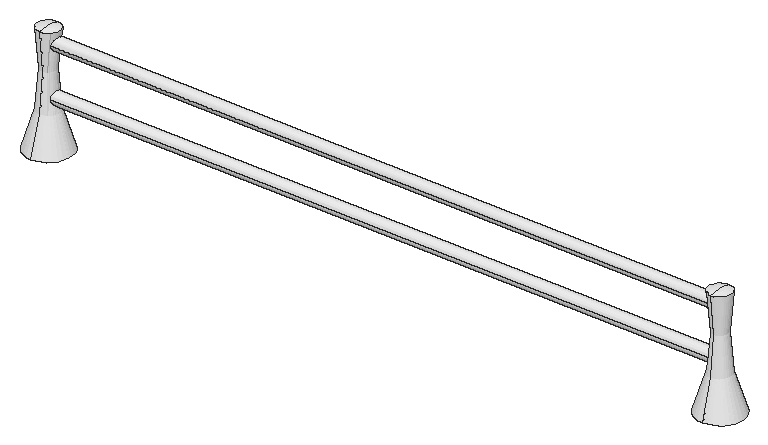
Revit family "Towel Rail-Double-Caroma Elegance", category Specialty Equipment, host Face, Revit 2013
Parameters (values of type "Standard")
  URL = "http://www.caroma.com.au/"
  Type Comments = "Caroma Elegance Double Towel Rail"  # constant formula
  Size = 1
  ModifiedIssue_ANZRS = 1  # constant formula
  Model = "631161C"  # constant formula
  Material_ANZRS = Metal-Chrome-Caroma
  Manufacturer = "GWA Bathrooms & Kitchens"  # constant formula
  Length_ANZRS = 760 mm  # constant formula
  Description = ""
  Default Elevation = 900 mm
  CreatedBy_ANZRS = "Design Content"  # constant formula
  CreatedByURL_ANZRS = "www.designcontent.com.au"
  Cost = 0
  Assembly Code = "C1030200"
Reference planes
  plane 1 "Center (Elevation)": y = 0
  plane 2 "Back": z = 0
  plane 3 "Center (Left/Right)": x = 0
  plane 4 "Left": x = -380
  plane 5 "Right": x = 380
  plane 6 "Top": y = 24.966
  plane 7 "Bottom": y = -25
  plane 8 "Front": z = 125
Forms (mm)
  Revolve 1, solid, material "Metal-Chrome-Caroma" <- "Material_ANZRS"
    sketch origin (-380, 0, 0) x (0, 1, 0) y (0, 0, 1)
      loop
        arc (12.473, 123.413) -> (6.287, 124.602) -> (0, 125) r 49.819
        line (0, 125) -> (0, 0) -> (24.966, 0)
        arc (24.966, 0) -> (9.36, 60.759) -> (12.473, 123.413) r 209.16
      axis (0, 125) -> (0, 0)
    angle from 0 to 360
  Extrusion 2, solid, material "Metal-Chrome-Caroma" <- "Material_ANZRS"
    sketch origin (0, 0, 0) x (0, 1, 0) y (0, 0, 1)
      loop
        circle (0, 109.985) r 7
      loop
        circle (0, 54.985) r 7
    from -380 to 380
  Revolve 3, solid, material "Metal-Chrome-Caroma" <- "Material_ANZRS"
    sketch origin (380, 0, 0) x (0, 1, 0) y (0, 0, 1)
      loop
        arc (12.473, 123.413) -> (6.287, 124.602) -> (0, 125) r 49.819
        line (0, 125) -> (0, 0) -> (24.966, 0)
        arc (24.966, 0) -> (9.36, 60.759) -> (12.473, 123.413) r 209.16
      axis (0, 125) -> (0, 0)
    angle from 0 to 360
Cuts and joins
  joined: Revolve 1, Extrusion 2, Revolve 3
Dimensions and locks
  "Length_ANZRS": plane 4 "Left" to plane 5 "Right"
  equal spacing: plane 4 "Left", plane 3 "Center (Left/Right)", plane 5 "Right"
  aligned and locked: plane 2 "Back" to host face
  aligned and locked: level to host face
  aligned and locked: Extrusion 2 to plane 4 "Left"
  aligned and locked: plane 5 "Right" to Extrusion 2
Automatic sketch dimensions
  host sketch curve to host sketch curve = 2438.4 mm  (x2)
  Extrusion 2 sketch curve to plane 1 "Center (Elevation)" = 0 mm  (x2)
  level to Extrusion 2 sketch curve = 54.985 mm
  Extrusion 2 sketch curve to plane 8 "Front" = 15.015 mm
  Revolve 1 sketch curve to plane 1 "Center (Elevation)" = 0 mm  (x2)
  Revolve 1 sketch curve to level = 0 mm
  Revolve 1 sketch curve to plane 8 "Front" = 0 mm
  Revolve 1 sketch curve to plane 6 "Top" = 0 mm
  Revolve 1 sketch curve to plane 8 "Front" = 1.587 mm
  Revolve 1 sketch curve to plane 1 "Center (Elevation)" = 12.473 mm
  Revolve 1 sketch curve to plane 8 "Front" = 43.175 mm
  Revolve 1 sketch curve to level = 24.096 mm
  Revolve 1 sketch curve to level = 7.879 mm
  Revolve 3 sketch curve to level = 0 mm
  Revolve 3 sketch curve to plane 1 "Center (Elevation)" = 0 mm  (x2)
  Revolve 3 sketch curve to plane 6 "Top" = 0 mm
  Revolve 3 sketch curve to plane 8 "Front" = 0 mm
  Revolve 3 sketch curve to plane 8 "Front" = 1.587 mm
  Revolve 3 sketch curve to plane 1 "Center (Elevation)" = 12.473 mm
  Revolve 3 sketch curve to plane 8 "Front" = 43.175 mm
  Revolve 3 sketch curve to Revolve 3 sketch curve = 24.096 mm
  Revolve 3 sketch curve to Revolve 3 sketch curve = 7.879 mm
  radius of Extrusion 2 sketch curve = 7 mm  (x2)
